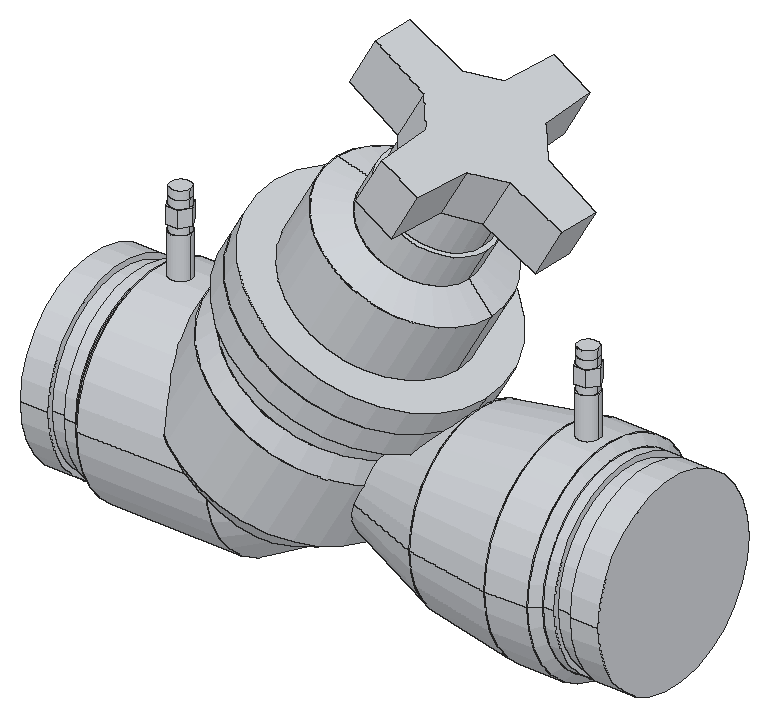
Revit family "447_d-DN100-RFA_2019", category Pipe Accessories, Revit 2019
Family settings
  Round Connector Dimension = Use Diameter
  Part Type = Valve - Breaks Into
  Work Plane-Based = No
  Always vertical = Yes
  Cut with Voids When Loaded = No
  Shared = No
Parameters (values of type "447_d-DN100")
  magiProductId = "e5a6bfdd9ca54003a0551f5d760c3c"
  magiProductFamilyId = "eab8c084d85f47fc9aed3208e9defb"
  magiPartTypeId = 304
  isMeasuringValve [instance] = no
  ang2D [instance] = 0.00°
  W3 = 14.437 mm
  W2D = 100 mm
  W2 = 30.026 mm
  W1 = 12.736 mm
  VersionID = "2.0/2018.4.11.4/ZETKAMA_447_GROOVED_001"
  Use Minimum Symbol Size [instance] = yes
  URL = "www.hydronix.cz"
  Type Comments = "drážkový spoj; PN16; -10~+120°C;"
  R9 = 74.1 mm
  R8 = 31.35 mm
  R7 = 34.2 mm
  R6 = 68.4 mm
  R5 = 65 mm
  R4 = 31.35 mm
  R3 = 62.7 mm
  R2 = 54.15 mm
  R13 = 7.507 mm
  R12 = 5.875 mm
  R11 = 6.528 mm
  R1 = 57 mm
  R = 50 mm
  QmdConnectorList = "301;D;302;D"
  Productdata [instance] = ""
  Model = ""
  Manufacturer = "Hydronix"
  Maintenance Zone Under Depth [instance] = 57 mm
  Maintenance Zone Right Depth [instance] = 350 mm
  Maintenance Zone Over Depth [instance] = 240 mm
  Maintenance Zone Left Depth [instance] = 350 mm
  Maintenance Zone Front Depth [instance] = 130 mm
  Maintenance Zone Back Depth [instance] = 130 mm
  Maintenance Zone Front Visibility [instance] = no
  MC Product Code = "447 100 d (DN100; PN16 kvs180,5)"
  MC Piping Given Pressure Drop [instance] = 0.0 Pa
  L9 = 52.222 mm
  L8__ve = -L8  # -26.111 mm
  L8 = 26.111 mm
  L6 = 78.333 mm
  L5 = 5 mm
  L4__ve = -L4  # -6.667 mm
  L4 = 6.667 mm
  L3__ve = -L3  # -10 mm
  L3 = 10 mm
  L2__ve = -L2  # -16.667 mm
  L2D_Min = 3048 mm
  L2D = 350 mm
  L2 = 16.667 mm
  L13 = 13.056 mm
  L12 = 12.736 mm
  L11 = 14.437 mm
  L10 = 30.026 mm
  L1 = 175 mm
  KZ = 29.167 mm
  KL = 50.518 mm
  H9 = 6.389 mm
  H8 = 41.531 mm
  H7 = 15.973 mm
  H6 = 19.168 mm
  H5 = 12.779 mm
  H4 = 47.92 mm
  H17 = 9.6 mm
  H16 = 4.8 mm
  H15 = 86.7 mm
  H14 = 31.947 mm
  H13 = 23.96 mm
  H11 = 25.557 mm
  H10 = 22.363 mm
  Description = "Ruční vyvažovací ventil s drážkovým spojem"
  D = 100 mm
  CenSd_R13_6 = R13 * cos(30.00°)  # 6.501 mm
  Clearance Zone Height Depth [instance] = 240 mm
  Clearance Zone Circular Radius [instance] = 175 mm
  Clearance Zone Visibility [instance] = no
Types (10, lengths in mm): name | magiProductId | W3 | W2 | W1 | R9 | R8 | R7 | R6 | R5 | R4 | R3 | R2 | R13 | R12 | R11 | R1 | R | Maintenance Zone Under Depth | Maintenance Zone Right Depth | Maintenance Zone Over Depth | Maintenance Zone Left Depth | Maintenance Zone Front Depth | Maintenance Zone Back Depth | MC Product Code | L9 | L8__ve | L8 | L6 | L5 | L4__ve | L4 | L3__ve | L3 | L2__ve | L2 | L13 | L12 | L11 | L10 | L1 | KZ | KL | H9 | H8 | H7 | H6 | H5 | H4 | H17 | H16 | H15 | H14 | H13 | H11 | H10 | D | CenSd_R13_6 | Clearance Zone Height Depth | Clearance Zone Circular Radius
  447_d-DN100 | "e5a6bfdd9ca54003a0551f5d760c3c" | 14.437 | 30.026 | 12.736 | 74.1 | 31.35 | 34.2 | 68.4 | 65 | 31.35 | 62.7 | 54.15 | 7.507 | 5.875 | 6.528 | 57 | 50 | 57 | 350 | 240 | 350 | 130 | 130 | "447 100 d (DN100; PN16 kvs180,5)" | 52.222 | -26.111 | 26.111 | 78.333 | 5 | -6.667 | 6.667 | -10 | 10 | -16.667 | 16.667 | 13.056 | 12.736 | 14.437 | 30.026 | 175 | 29.167 | 50.518 | 6.389 | 41.531 | 15.973 | 19.168 | 12.779 | 47.92 | 9.6 | 4.8 | 86.7 | 31.947 | 23.96 | 25.557 | 22.363 | 100 | 6.501 | 240 | 175
  447_d-DN125 | "5795ec580370482d8c46e49d975863" | 14.437 | 30.026 | 12.736 | 91.65 | 38.775 | 42.3 | 84.6 | 65 | 38.775 | 77.55 | 66.975 | 8.579 | 6.714 | 7.46 | 70.5 | 62.5 | 71 | 400 | 260 | 400 | 130 | 130 | "447 125 d (DN125; PN16 kvs280,0)" | 59.683 | -29.841 | 29.841 | 89.524 | 5.714 | -7.619 | 7.619 | -11.429 | 11.429 | -19.048 | 19.048 | 14.921 | 12.736 | 14.437 | 30.026 | 200 | 33.333 | 57.735 | 7.005 | 45.534 | 17.513 | 21.016 | 14.01 | 52.539 | 10.4 | 5.2 | 103.55 | 35.026 | 26.269 | 28.021 | 24.518 | 125 | 7.43 | 260 | 200
  447_d-DN150 | "9b6b5ad10a674c51b522359e7e2d39" | 14.437 | 30.026 | 12.736 | 109.2 | 46.2 | 50.4 | 100.8 | 65 | 46.2 | 92.4 | 79.8 | 10.295 | 8.057 | 8.952 | 84 | 75 | 84 | 480 | 285 | 480 | 130 | 130 | "447 150 d (DN150; PN16 kvs383,4)" | 71.619 | -35.81 | 35.81 | 107.429 | 6.857 | -9.143 | 9.143 | -13.714 | 13.714 | -22.857 | 22.857 | 17.905 | 12.736 | 14.437 | 30.026 | 240 | 40 | 69.282 | 7.775 | 50.537 | 19.437 | 23.325 | 15.55 | 58.312 | 11.4 | 5.7 | 120.9 | 38.875 | 29.156 | 31.1 | 27.212 | 150 | 8.916 | 285 | 240
  447_d-DN200 | "f5a67fe5c2444fc986ed7f87b9a4ed" | 31.658 | 71.601 | 30.372 | 142.35 | 60.225 | 65.7 | 131.4 | 155 | 60.225 | 120.45 | 104.025 | 12.869 | 10.071 | 11.19 | 109.5 | 100 | 110 | 600 | 480 | 600 | 310 | 310 | "447 200 d (DN200; PN16 kvs710,0)" | 89.524 | -44.762 | 44.762 | 134.286 | 8.571 | -11.429 | 11.429 | -17.143 | 17.143 | -28.571 | 28.571 | 22.381 | 30.372 | 31.658 | 71.601 | 300 | 50 | 86.603 | 12.394 | 80.56 | 30.984 | 37.181 | 24.788 | 92.953 | 19.2 | 9.6 | 168.45 | 61.969 | 46.477 | 49.575 | 43.378 | 200 | 11.145 | 480 | 300
  447_d-DN250 | "7d63ae0d28f64990bc8ce3477101ef" | 31.658 | 71.601 | 30.372 | 177.45 | 75.075 | 81.9 | 163.8 | 155 | 75.075 | 150.15 | 129.675 | 15.657 | 12.254 | 13.615 | 136.5 | 125 | 137 | 730 | 525 | 730 | 310 | 310 | "447 250 d (DN250; PN16 kvs1187,5)" | 108.921 | -54.46 | 54.46 | 163.381 | 10.429 | -13.905 | 13.905 | -20.857 | 20.857 | -34.762 | 34.762 | 27.23 | 30.372 | 31.658 | 71.601 | 365 | 60.833 | 105.366 | 13.779 | 89.566 | 34.449 | 41.338 | 27.559 | 103.346 | 21 | 10.5 | 202.65 | 68.897 | 51.673 | 55.118 | 48.228 | 250 | 13.56 | 525 | 365
  447_d-DN300 | "0a2a34dba99a430aa7daf784d6b0c1" | 31.658 | 71.601 | 30.372 | 210.6 | 89.1 | 97.2 | 194.4 | 155 | 89.1 | 178.2 | 153.9 | 18.231 | 14.268 | 15.853 | 162 | 150 | 162 | 850 | 535 | 850 | 310 | 310 | "447 300 d (DN300; PN16 kvs1504,1)" | 126.825 | -63.413 | 63.413 | 190.238 | 12.143 | -16.19 | 16.19 | -24.286 | 24.286 | -40.476 | 40.476 | 31.706 | 30.372 | 31.658 | 71.601 | 425 | 70.833 | 122.687 | 14.087 | 91.568 | 35.218 | 42.262 | 28.175 | 105.655 | 21.4 | 10.7 | 231.7 | 70.437 | 52.828 | 56.349 | 49.306 | 300 | 15.789 | 535 | 425
  447_d-DN040 | "6dc4a6b5eb924103b02307904d600f" | 9.08 | 17.092 | 7.25 | 31.2 | 13.2 | 14.4 | 28.8 | 37 | 13.2 | 26.4 | 22.8 | 4.29 | 3.357 | 3.73 | 24 | 20 | 24 | 200 | 130 | 200 | 74 | 74 | "447 040 d (DN40; PN16 kvs22,36)" | 29.841 | -14.921 | 14.921 | 44.762 | 2.857 | -3.81 | 3.81 | -5.714 | 5.714 | -9.524 | 9.524 | 7.46 | 7.25 | 9.08 | 17.092 | 100 | 16.667 | 28.868 | 3.433 | 22.317 | 8.583 | 10.3 | 6.867 | 25.75 | 5.2 | 2.6 | 39.4 | 17.167 | 12.875 | 13.733 | 12.017 | 40 | 3.715 | 130 | 100
  447_d-DN050 | "b59a3d0ad4654cda90cee0c397c848" | 9.08 | 17.092 | 7.25 | 39 | 16.5 | 18 | 36 | 37 | 16.5 | 33 | 28.5 | 4.933 | 3.861 | 4.29 | 30 | 25 | 30 | 230 | 130 | 230 | 130 | 130 | "447 050 d (DN50; PN16 kvs32,15)" | 34.317 | -17.159 | 17.159 | 51.476 | 3.286 | -4.381 | 4.381 | -6.571 | 6.571 | -10.952 | 10.952 | 8.579 | 7.25 | 9.08 | 17.092 | 115 | 19.167 | 33.198 | 3.433 | 22.317 | 8.583 | 10.3 | 6.867 | 25.75 | 5.2 | 2.6 | 46 | 17.167 | 12.875 | 13.733 | 12.017 | 50 | 4.272 | 130 | 115
  447_d-DN065 | "356db372cd37496c9ff0d3ad255dc6" | 14.437 | 30.026 | 12.736 | 49.4 | 20.9 | 22.8 | 45.6 | 65 | 20.9 | 41.8 | 36.1 | 6.22 | 4.868 | 5.409 | 38 | 32.5 | 38 | 290 | 220 | 290 | 130 | 130 | "447 065 d (DN65; PN16 kvs83,3)" | 43.27 | -21.635 | 21.635 | 64.905 | 4.143 | -5.524 | 5.524 | -8.286 | 8.286 | -13.81 | 13.81 | 10.817 | 12.736 | 14.437 | 30.026 | 145 | 24.167 | 41.858 | 5.774 | 37.528 | 14.434 | 17.321 | 11.547 | 43.301 | 8.8 | 4.4 | 63.8 | 28.868 | 21.651 | 23.094 | 20.207 | 65 | 5.387 | 220 | 145
  447_d-DN080 | "f43aa02b4841429783243073d22ea7" | 14.437 | 30.026 | 12.736 | 57.85 | 24.475 | 26.7 | 53.4 | 65 | 24.475 | 48.95 | 42.275 | 6.649 | 5.204 | 5.782 | 44.5 | 40 | 45 | 310 | 220 | 310 | 130 | 130 | "447 080 d (DN80; PN16 kvs104,3)" | 46.254 | -23.127 | 23.127 | 69.381 | 4.429 | -5.905 | 5.905 | -8.857 | 8.857 | -14.762 | 14.762 | 11.563 | 12.736 | 14.437 | 30.026 | 155 | 25.833 | 44.745 | 5.774 | 37.528 | 14.434 | 17.321 | 11.547 | 43.301 | 8.8 | 4.4 | 70.95 | 28.868 | 21.651 | 23.094 | 20.207 | 80 | 5.758 | 220 | 155
Reference planes
  plane 1 "Center (Front/Back)": y = 0
  plane 2 "XYPLANE": z = 0
  plane 3 "Center (Left/Right)": x = 0
  plane 4 "159": y = 130
  plane 5 "158": y = -130
  plane 6 "157": z = -57
  plane 7 "156": z = 240
  plane 8 "155": x = -350
  plane 9 "154": x = 350
  plane 10 "132": z = 105.9
  plane 11 "125": z = 101.1
  plane 12 "120": z = 91.5
  plane 13 "119": z = 86.7
  plane 14 "112": x = 123.611
  plane 15 "111": x = -123.611
  plane 16 "109": y = -14.437
  plane 17 "108": y = 14.437
  plane 18 "105": through (342.28, 0, 668.41) normal (0.866, 0, -0.5)
  plane 19 "104": through (320.22, 0, 681.146) normal (0.866, 0, -0.5)
  plane 20 "103": y = -30.026
  plane 21 "102": y = -12.736
  plane 22 "101": y = 30.026
  plane 23 "100": y = 12.736
  plane 24 "99": through (318.747, 0, 681.997) normal (0.866, 0, -0.5)
  plane 25 "98": through (305.247, 0, 689.791) normal (0.866, 0, -0.5)
  plane 26 "97": through (343.753, 0, 667.56) normal (0.866, 0, -0.5)
  plane 27 "96": through (357.253, 0, 659.765) normal (0.866, 0, -0.5)
  plane 28 "95": y = -65
  plane 29 "94": y = 65
  plane 30 "93": through (387.542, 0, 642.278) normal (0.866, 0, -0.5)
  plane 31 "92": through (274.958, 0, 707.278) normal (0.866, 0, -0.5)
  plane 32 "88": x = 58.333
  plane 33 "87": x = 110.556
  plane 34 "81": through (-560.276, 0, 529.574) normal (0.5, 0, 0.866)
  plane 35 "80": through (-573.054, 0, 507.441) normal (0.5, 0, 0.866)
  plane 36 "75": through (-584.236, 0, 488.074) normal (0.5, 0, 0.866)
  plane 37 "72": through (-587.43, 0, 482.541) normal (0.5, 0, 0.866)
  plane 38 "68": through (-608.196, 0, 446.574) normal (0.5, 0, 0.866)
  plane 39 "67": through (-616.182, 0, 432.741) normal (0.5, 0, 0.866)
  plane 40 "62": through (-676.082, 0, 328.991) normal (0.5, 0, 0.866)
  plane 41 "61": through (-624.169, 0, 418.908) normal (0.5, 0, 0.866)
  plane 42 "58": through (-633.753, 0, 402.308) normal (0.5, 0, 0.866)
  plane 43 "56": through (-640.142, 0, 391.241) normal (0.5, 0, 0.866)
  plane 44 "51": y = 0
  plane 45 "49": through (331.25, 0, 674.778) normal (0.866, 0, -0.5)
  plane 46 "48": through (-664.102, 0, 349.741) normal (0.5, 0, 0.866)
  plane 47 "30": x = 136.667
  plane 48 "29": x = 141.667
  plane 49 "28": x = 148.333
  plane 50 "27": x = 158.333
  plane 51 "14": x = -58.333
  plane 52 "13": x = -136.667
  plane 53 "12": x = -141.667
  plane 54 "11": x = -148.333
  plane 55 "10": x = -158.333
  plane 56 "8": x = -175
  plane 57 "7": x = 175
  plane 58 "6": y = 0
  plane 59 "5": x = 0
  plane 60 "4": z = 0
  plane 61 "45XY": through (-649.519, 0, 375) normal (0.5, 0, 0.866)
  plane 62 "45XZ": y = 0
  plane 63 "45YZ": through (375, 0, 649.519) normal (0.866, 0, -0.5)
Forms (mm)
  Blend 1, solid, visible <- "Maintenance Zone Front Visibility"
    base sketch origin (-750, 0, -57) x (1, 0, 0) y (0, 1, 0)
      loop
        line (400, 130) -> (400, -130) -> (1100, -130) -> (1100, 130) -> (400, 130)
    top sketch origin (-750, 0, -57) x (1, 0, 0) y (0, 1, 0)
      loop
        line (400, 130) -> (400, -130) -> (1100, -130) -> (1100, 130) -> (400, 130)
    from 0 to 297
  Extrusion 2, solid, visible <- "Clearance Zone Visibility"
    sketch origin (-750, 0, 0) x (1, 0, 0) y (0, 1, 0)
      loop
        circle (750, 0) r 175
    from 0 to 240 <- "Clearance Zone Height Depth"
  Extrusion 3, solid
    sketch origin (-750, 0, 105.9) x (1, 0, 0) y (0, 1, 0)
      loop
        circle (873.611, 0) r 5.875
    from 0 to 4.8 <- "H16"
  Extrusion 4, solid
    sketch origin (-750, 0, 101.1) x (1, 0, 0) y (0, 1, 0)
      loop
        circle (873.611, 0) r 5.875
    from 0 to 4.8 <- "H16"
  Extrusion 5, solid
    sketch origin (-750, 0, 105.9) x (1, 0, 0) y (0, 1, 0)
      loop
        circle (626.389, 0) r 5.875
    from 0 to 4.8 <- "H16"
  Extrusion 6, solid
    sketch origin (-750, 0, 101.1) x (1, 0, 0) y (0, 1, 0)
      loop
        circle (626.389, 0) r 5.875
    from 0 to 4.8 <- "H16"
  Extrusion 7, solid
    sketch origin (-750, 0, 91.5) x (1, 0, 0) y (0, 1, 0)
      loop
        line (881.118, 0) -> (877.365, 6.501) -> (869.858, 6.501) -> (866.104, 0) -> (869.858, -6.501) -> (877.365, -6.501) -> (881.118, 0)
    from 0 to 9.6 <- "H17"
  Extrusion 8, solid
    sketch origin (-750, 0, 91.5) x (1, 0, 0) y (0, 1, 0)
      loop
        line (633.896, 0) -> (630.142, 6.501) -> (622.635, 6.501) -> (618.882, 0) -> (622.635, -6.501) -> (630.142, -6.501) -> (633.896, 0)
    from 0 to 9.6 <- "H17"
  Extrusion 9, solid
    sketch origin (-750, 0, 86.7) x (1, 0, 0) y (0, 1, 0)
      loop
        circle (873.611, 0) r 5.875
    from 0 to 4.8 <- "H16"
  Extrusion 10, solid
    sketch origin (-750, 0, 86.7) x (1, 0, 0) y (0, 1, 0)
      loop
        circle (626.389, 0) r 5.875
    from 0 to 4.8 <- "H16"
  Extrusion 11, solid
    sketch origin (-750, 0, 0) x (1, 0, 0) y (0, 1, 0)
      loop
        circle (873.611, 0) r 6.528
    from 0 to 86.7 <- "H15"
  Extrusion 12, solid
    sketch origin (-750, 0, 0) x (1, 0, 0) y (0, 1, 0)
      loop
        circle (626.389, 0) r 6.528
    from 0 to 86.7 <- "H15"
  Extrusion 13, solid
    sketch origin (-560.276, 0, 529.574) x (0.866025, 0, -0.5) y (0, 1, 0)
      loop
        line (634.482, 12.736) -> (634.482, -12.736) -> (669.456, -14.437) -> (685.045, -30.026) -> (686.745, -65) -> (712.218, -65) -> (713.919, -30.026) -> (729.508, -14.437) -> (764.482, -12.736) -> (764.482, 12.736) -> (729.508, 14.437) -> (713.919, 30.026) -> (712.218, 65) -> (686.745, 65) -> (685.045, 30.026) -> (669.456, 14.437) -> (634.482, 12.736)
    from 0 to 31.947 <- "H14"
  Blend 14, solid
    base sketch origin (110.556, -750, 0) x (0, 1, 0) y (0, 0, 1)
      loop
        circle (750, 0) r 62.7
    top sketch origin (110.556, -750, 0) x (0, 1, 0) y (0, 0, 1)
      loop
        circle (750, 0) r 54.15
    from 0 to -52.222
  Extrusion 15, solid
    sketch origin (-616.182, 0, 432.741) x (0.866025, 0, -0.5) y (0, 1, 0)
      loop
        circle (699.482, 0) r 74.1
    from 0 to 15.973 <- "H7"
  Extrusion 16, solid
    sketch origin (-624.169, 0, 418.908) x (0.866025, 0, -0.5) y (0, 1, 0)
      loop
        circle (699.482, 0) r 74.1
    from 0 to 15.973 <- "H7"
  Extrusion 17, solid
    sketch origin (-573.054, 0, 507.441) x (0.866025, 0, -0.5) y (0, 1, 0)
      loop
        circle (699.482, 0) r 31.35
    from 0 to 25.557 <- "H11"
  Blend 18, solid
    base sketch origin (-587.43, 0, 482.541) x (0.866025, 0, -0.5) y (0, 1, 0)
      loop
        circle (699.482, 0) r 54.15
    top sketch origin (-587.43, 0, 482.541) x (0.866025, 0, -0.5) y (0, 1, 0)
      loop
        circle (699.482, 0) r 34.2
    from 0 to 6.389
  Extrusion 19, solid
    sketch origin (-608.196, 0, 446.574) x (0.866025, 0, -0.5) y (0, 1, 0)
      loop
        circle (699.482, 0) r 54.15
    from 0 to 41.531 <- "H8"
  Extrusion 20, solid
    sketch origin (-584.236, 0, 488.074) x (0.866025, 0, -0.5) y (0, 1, 0)
      loop
        circle (699.482, 0) r 34.2
    from 0 to 22.363 <- "H10"
  Blend 21, solid
    base sketch origin (-664.102, 0, 349.741) x (0.866025, 0, -0.5) y (0, 1, 0)
      loop
        circle (699.482, 0) r 68.4
    top sketch origin (-664.102, 0, 349.741) x (0.866025, 0, -0.5) y (0, 1, 0)
      loop
        circle (699.482, 0) r 50
    from 0 to -23.96
  Extrusion 22, solid
    sketch origin (-633.753, 0, 402.308) x (0.866025, 0, -0.5) y (0, 1, 0)
      loop
        circle (699.482, 0) r 62.7
    from 0 to 19.168 <- "H6"
  Blend 23, solid
    base sketch origin (-640.142, 0, 391.241) x (0.866025, 0, -0.5) y (0, 1, 0)
      loop
        circle (699.482, 0) r 68.4
    top sketch origin (-640.142, 0, 391.241) x (0.866025, 0, -0.5) y (0, 1, 0)
      loop
        circle (699.482, 0) r 62.7
    from 0 to 12.779
  Extrusion 24, solid
    sketch origin (-664.102, 0, 349.741) x (0.866025, 0, -0.5) y (0, 1, 0)
      loop
        circle (699.482, 0) r 68.4
    from 0 to 47.92 <- "H4"
  Extrusion 25, solid
    sketch origin (175, -750, 0) x (0, 1, 0) y (0, 0, 1)
      loop
        circle (750, 0) r 57
    from 0 to -16.667 <- "L2__ve"
  Extrusion 26, solid
    sketch origin (158.333, -750, 0) x (0, 1, 0) y (0, 0, 1)
      loop
        circle (750, 0) r 54.15
    from 0 to -10 <- "L3__ve"
  Extrusion 27, solid
    sketch origin (148.333, -750, 0) x (0, 1, 0) y (0, 0, 1)
      loop
        circle (750, 0) r 57
    from 0 to -6.667 <- "L4__ve"
  Blend 28, solid
    base sketch origin (141.667, -750, 0) x (0, 1, 0) y (0, 0, 1)
      loop
        circle (750, 0) r 57
    top sketch origin (141.667, -750, 0) x (0, 1, 0) y (0, 0, 1)
      loop
        circle (750, 0) r 62.7
    from 0 to -5
  Extrusion 29, solid
    sketch origin (136.667, -750, 0) x (0, 1, 0) y (0, 0, 1)
      loop
        circle (750, 0) r 62.7
    from 0 to -26.111 <- "L8__ve"
  Blend 30, solid
    base sketch origin (58.333, -750, 0) x (0, 1, 0) y (0, 0, 1)
      loop
        circle (750, 0) r 54.15
    top sketch origin (58.333, -750, 0) x (0, 1, 0) y (0, 0, 1)
      loop
        circle (750, 0) r 31.35
    from 0 to -58.333
  Blend 31, solid
    base sketch origin (-58.333, -750, 0) x (0, 1, 0) y (0, 0, 1)
      loop
        circle (750, 0) r 62.7
    top sketch origin (-58.333, -750, 0) x (0, 1, 0) y (0, 0, 1)
      loop
        circle (750, 0) r 31.35
    from 0 to 58.333
  Extrusion 32, solid
    sketch origin (-136.667, -750, 0) x (0, 1, 0) y (0, 0, 1)
      loop
        circle (750, 0) r 62.7
    from 0 to 78.333 <- "L6"
  Blend 33, solid
    base sketch origin (-141.667, -750, 0) x (0, 1, 0) y (0, 0, 1)
      loop
        circle (750, 0) r 57
    top sketch origin (-141.667, -750, 0) x (0, 1, 0) y (0, 0, 1)
      loop
        circle (750, 0) r 62.7
    from 0 to 5
  Extrusion 34, solid
    sketch origin (-148.333, -750, 0) x (0, 1, 0) y (0, 0, 1)
      loop
        circle (750, 0) r 57
    from 0 to 6.667 <- "L4"
  Extrusion 35, solid
    sketch origin (-158.333, -750, 0) x (0, 1, 0) y (0, 0, 1)
      loop
        circle (750, 0) r 54.15
    from 0 to 10 <- "L3"
  Extrusion 36, solid
    sketch origin (-175, -750, 0) x (0, 1, 0) y (0, 0, 1)
      loop
        circle (750, 0) r 57
    from 0 to 16.667 <- "L2"
  Extrusion 37, solid, not visible
    sketch origin (-175, -750, 0) x (0, 1, 0) y (0, 0, 1)
      loop
        circle (750, 0) r 10
    from 0 to 10
  Extrusion 38, solid, not visible
    sketch origin (175, -750, 0) x (0, 1, 0) y (0, 0, 1)
      loop
        circle (750, 0) r 10
    from 0 to -10
Lines and regions (mm)
  reference lines, not visible
    curve 1: circle (2, 2, 0) r 1 normal (0, 0, 1)
  reference lines
    curve 2: line (123.611, 0, 91.5) -> (121.734, 3.251, 91.5)
    curve 3: line (123.611, 0, 91.5) -> (119.858, 0, 91.5)
    curve 4: line (123.611, 0, 91.5) -> (121.734, -3.251, 91.5)
    curve 5: line (-123.611, 0, 91.5) -> (-125.488, 3.251, 91.5)
    curve 6: line (-123.611, 0, 91.5) -> (-127.365, 0, 91.5)
    curve 7: line (-123.611, 0, 91.5) -> (-125.488, -3.251, 91.5)
Dimensions and locks
  plane 1 "Center (Front/Back)" to curve 1 = 2 mm
  "Maintenance Zone Back Depth": plane 1 "Center (Front/Back)" to plane 4 "159"
  "Maintenance Zone Front Depth": plane 1 "Center (Front/Back)" to plane 5 "158"
  "Maintenance Zone Under Depth": plane 2 "XYPLANE" to plane 6 "157"
  "Maintenance Zone Over Depth": plane 2 "XYPLANE" to plane 7 "156"
  "Maintenance Zone Left Depth": plane 3 "Center (Left/Right)" to plane 8 "155"
  "Maintenance Zone Right Depth": plane 3 "Center (Left/Right)" to plane 9 "154"
  "H16": plane 11 "125" to plane 10 "132"
  "H17": plane 12 "120" to plane 11 "125"
  "H16": plane 13 "119" to plane 12 "120"
  "H15": plane 2 "XYPLANE" to plane 13 "119"
  "L13": plane 47 "30" to plane 14 "112"
  "L13": plane 52 "13" to plane 15 "111"
  "W3": plane 44 "51" to plane 16 "109"
  "W3": plane 44 "51" to plane 17 "108"
  "L12": plane 45 "49" to plane 18 "105"
  "L12": plane 45 "49" to plane 19 "104"
  "W2": plane 58 "6" to plane 20 "103"
  "W1": plane 58 "6" to plane 21 "102"
  "W2": plane 58 "6" to plane 22 "101"
  "W1": plane 58 "6" to plane 23 "100"
  "L11": plane 45 "49" to plane 24 "99"
  "L10": plane 45 "49" to plane 25 "98"
  "L11": plane 45 "49" to plane 26 "97"
  "L10": plane 45 "49" to plane 27 "96"
  "R5": plane 58 "6" to plane 28 "95"
  "R5": plane 58 "6" to plane 29 "94"
  "R5": plane 45 "49" to plane 30 "93"
  "R5": plane 45 "49" to plane 31 "92"
  "L9": plane 33 "87" to plane 32 "88"
  "L8": plane 47 "30" to plane 33 "87"
  "H11": plane 35 "80" to plane 34 "81"
  "H10": plane 36 "75" to plane 35 "80"
  "H9": plane 37 "72" to plane 36 "75"
  "H8": plane 38 "68" to plane 37 "72"
  "H7": plane 39 "67" to plane 38 "68"
  "H7": plane 41 "61" to plane 39 "67"
  "H13": plane 46 "48" to plane 40 "62"
  "H6": plane 42 "58" to plane 41 "61"
  "H5": plane 43 "56" to plane 42 "58"
  "H4": plane 46 "48" to plane 43 "56"
  locked: plane 58 "6" to plane 44 "51"
  "KL": plane 63 "45YZ" to plane 45 "49"
  "KZ": plane 61 "45XY" to plane 46 "48"
  "L5": plane 48 "29" to plane 47 "30"
  "L4": plane 49 "28" to plane 48 "29"
  "L3": plane 50 "27" to plane 49 "28"
  "L2": plane 57 "7" to plane 50 "27"
  "L6": plane 52 "13" to plane 51 "14"
  "L5": plane 53 "12" to plane 52 "13"
  "L4": plane 54 "11" to plane 53 "12"
  "L3": plane 55 "10" to plane 54 "11"
  "L2": plane 56 "8" to plane 55 "10"
  "L1": plane 3 "Center (Left/Right)" to plane 56 "8"
  "L1": plane 3 "Center (Left/Right)" to plane 57 "7"
  locked: plane 1 "Center (Front/Back)" to plane 58 "6"
  locked: plane 3 "Center (Left/Right)" to plane 59 "5"
  locked: plane 2 "XYPLANE" to plane 60 "4"
  Blend 1 sketch curve to Blend 1 sketch curve = 0 mm  (x16)
  "CenSd_R13_6": curve 2 to Extrusion 7 sketch curve  (x2)
  "CenSd_R13_6": curve 3 to Extrusion 7 sketch curve  (x2)
  "CenSd_R13_6": curve 4 to Extrusion 7 sketch curve  (x2)
  Extrusion 7 sketch curve to Extrusion 7 sketch curve = 0 mm  (x12)
  "CenSd_R13_6": curve 5 to Extrusion 8 sketch curve  (x2)
  "CenSd_R13_6": curve 6 to Extrusion 8 sketch curve  (x2)
  "CenSd_R13_6": curve 7 to Extrusion 8 sketch curve  (x2)
  Extrusion 8 sketch curve to Extrusion 8 sketch curve = 0 mm  (x12)
  Extrusion 13 sketch curve to Extrusion 13 sketch curve = 0 mm  (x32)
  "Clearance Zone Circular Radius": radius of Extrusion 2 sketch curve
  "R12": radius of Extrusion 3 sketch curve
  "R12": radius of Extrusion 4 sketch curve
  "R12": radius of Extrusion 5 sketch curve
  "R12": radius of Extrusion 6 sketch curve
  "R12": radius of Extrusion 9 sketch curve
  "R12": radius of Extrusion 10 sketch curve
  "R11": radius of Extrusion 11 sketch curve
  "R11": radius of Extrusion 12 sketch curve
  "R2": radius of Blend 14 sketch curve
  "R3": radius of Blend 14 sketch curve
  "R9": radius of Extrusion 15 sketch curve
  "R9": radius of Extrusion 16 sketch curve
  "R8": radius of Extrusion 17 sketch curve
  "R7": radius of Blend 18 sketch curve
  "R2": radius of Blend 18 sketch curve
  "R2": radius of Extrusion 19 sketch curve
  "R7": radius of Extrusion 20 sketch curve
  "R": radius of Blend 21 sketch curve
  "R6": radius of Blend 21 sketch curve
  "R3": radius of Extrusion 22 sketch curve
  "R3": radius of Blend 23 sketch curve
  "R6": radius of Blend 23 sketch curve
  "R6": radius of Extrusion 24 sketch curve
  "R1": radius of Extrusion 25 sketch curve
  "R2": radius of Extrusion 26 sketch curve
  "R1": radius of Extrusion 27 sketch curve
  "R3": radius of Blend 28 sketch curve
  "R1": radius of Blend 28 sketch curve
  "R3": radius of Extrusion 29 sketch curve
  "R4": radius of Blend 30 sketch curve
  "R2": radius of Blend 30 sketch curve
  "R4": radius of Blend 31 sketch curve
  "R3": radius of Blend 31 sketch curve
  "R3": radius of Extrusion 32 sketch curve
  "R3": radius of Blend 33 sketch curve
  "R1": radius of Blend 33 sketch curve
  "R1": radius of Extrusion 34 sketch curve
  "R2": radius of Extrusion 35 sketch curve
  "R1": radius of Extrusion 36 sketch curve
  locked: curve 3 to curve 2 (angle 60.00°)
  locked: curve 4 to curve 3 (angle 60.00°)
  locked: curve 4 to curve 2 (angle 120.00°)
  locked: curve 6 to curve 5 (angle 60.00°)
  locked: curve 7 to curve 6 (angle 60.00°)
  locked: curve 7 to curve 5 (angle 120.00°)
  aligned and locked: level to plane 2 "XYPLANE"
  aligned and locked: Blend 1 sketch curve to plane 8 "155"  (x2)
  aligned and locked: plane 4 "159" to Blend 1 sketch curve  (x4)
  aligned and locked: plane 5 "158" to Blend 1 sketch curve  (x4)
  aligned and locked: plane 8 "155" to Blend 1 sketch curve  (x2)
  aligned and locked: plane 9 "154" to Blend 1 sketch curve  (x4)
  aligned and locked: plane 7 "156" to Blend 1
  aligned and locked: plane 58 "6" to Extrusion 2 sketch curve
  aligned and locked: plane 59 "5" to Extrusion 2 sketch curve
  aligned and locked: plane 14 "112" to Extrusion 3 sketch curve
  aligned and locked: plane 58 "6" to Extrusion 3 sketch curve
  aligned and locked: plane 14 "112" to Extrusion 4 sketch curve
  aligned and locked: plane 58 "6" to Extrusion 4 sketch curve
  aligned and locked: plane 15 "111" to Extrusion 5 sketch curve
  aligned and locked: plane 58 "6" to Extrusion 5 sketch curve
  aligned and locked: plane 15 "111" to Extrusion 6 sketch curve
  aligned and locked: plane 58 "6" to Extrusion 6 sketch curve
  aligned and locked: plane 14 "112" to curve 4
  aligned and locked: plane 58 "6" to curve 4
  aligned and locked: plane 15 "111" to curve 6
  aligned and locked: plane 58 "6" to curve 6
  aligned and locked: plane 14 "112" to Extrusion 9 sketch curve
  aligned and locked: plane 58 "6" to Extrusion 9 sketch curve
  aligned and locked: plane 15 "111" to Extrusion 10 sketch curve
  aligned and locked: plane 58 "6" to Extrusion 10 sketch curve
  aligned and locked: plane 14 "112" to Extrusion 11 sketch curve
  aligned and locked: plane 58 "6" to Extrusion 11 sketch curve
  aligned and locked: plane 15 "111" to Extrusion 12 sketch curve
  aligned and locked: plane 58 "6" to Extrusion 12 sketch curve
  aligned and locked: Extrusion 13 sketch curve to plane 31 "92"  (x2)
  aligned and locked: plane 23 "100" to Extrusion 13 sketch curve  (x2)
  aligned and locked: plane 21 "102" to Extrusion 13 sketch curve  (x2)
  aligned and locked: plane 16 "109" to Extrusion 13 sketch curve  (x2)
  aligned and locked: Extrusion 13 sketch curve to plane 25 "98"
  aligned and locked: plane 20 "103" to Extrusion 13 sketch curve  (x2)
  aligned and locked: Extrusion 13 sketch curve to plane 24 "99"
  aligned and locked: plane 28 "95" to Extrusion 13 sketch curve  (x2)
  aligned and locked: Extrusion 13 sketch curve to plane 19 "104"
  aligned and locked: Extrusion 13 sketch curve to plane 18 "105"
  aligned and locked: Extrusion 13 sketch curve to plane 26 "97"
  aligned and locked: Extrusion 13 sketch curve to plane 27 "96"
  aligned and locked: Extrusion 13 sketch curve to plane 30 "93"
  aligned and locked: plane 30 "93" to Extrusion 13 sketch curve
  aligned and locked: plane 17 "108" to Extrusion 13 sketch curve  (x2)
  aligned and locked: plane 27 "96" to Extrusion 13 sketch curve
  aligned and locked: plane 22 "101" to Extrusion 13 sketch curve  (x2)
  aligned and locked: plane 26 "97" to Extrusion 13 sketch curve
  aligned and locked: plane 18 "105" to Extrusion 13 sketch curve
  aligned and locked: plane 29 "94" to Extrusion 13 sketch curve  (x2)
  aligned and locked: plane 19 "104" to Extrusion 13 sketch curve
  aligned and locked: plane 24 "99" to Extrusion 13 sketch curve
  aligned and locked: plane 25 "98" to Extrusion 13 sketch curve
  aligned and locked: Blend 14 sketch curve to plane 58 "6"  (x2)
  aligned and locked: plane 60 "4" to Blend 14 sketch curve  (x2)
  aligned and locked: Blend 14 to plane 32 "88"
  aligned and locked: plane 44 "51" to Extrusion 15 sketch curve
  aligned and locked: Extrusion 15 sketch curve to plane 45 "49"
  aligned and locked: plane 44 "51" to Extrusion 16 sketch curve
  aligned and locked: Extrusion 16 sketch curve to plane 45 "49"
  aligned and locked: plane 44 "51" to Extrusion 17 sketch curve
  aligned and locked: Extrusion 17 sketch curve to plane 45 "49"
  aligned and locked: plane 44 "51" to Blend 18 sketch curve  (x2)
  aligned and locked: Blend 18 sketch curve to plane 45 "49"  (x2)
  aligned and locked: plane 36 "75" to Blend 18
  aligned and locked: plane 44 "51" to Extrusion 19 sketch curve
  aligned and locked: Extrusion 19 sketch curve to plane 45 "49"
  aligned and locked: plane 44 "51" to Extrusion 20 sketch curve
  aligned and locked: Extrusion 20 sketch curve to plane 45 "49"
  aligned and locked: plane 44 "51" to Blend 21 sketch curve  (x2)
  aligned and locked: Blend 21 sketch curve to plane 45 "49"  (x2)
  aligned and locked: Blend 21 to plane 40 "62"
  aligned and locked: plane 44 "51" to Extrusion 22 sketch curve
  aligned and locked: Extrusion 22 sketch curve to plane 45 "49"
  aligned and locked: plane 44 "51" to Blend 23 sketch curve  (x2)
  aligned and locked: Blend 23 sketch curve to plane 45 "49"  (x2)
  aligned and locked: plane 42 "58" to Blend 23
  aligned and locked: plane 44 "51" to Extrusion 24 sketch curve
  aligned and locked: Extrusion 24 sketch curve to plane 45 "49"
  aligned and locked: Extrusion 25 sketch curve to plane 58 "6"
  aligned and locked: plane 60 "4" to Extrusion 25 sketch curve
  aligned and locked: Extrusion 26 sketch curve to plane 58 "6"
  aligned and locked: plane 60 "4" to Extrusion 26 sketch curve
  aligned and locked: Extrusion 27 sketch curve to plane 58 "6"
  aligned and locked: plane 60 "4" to Extrusion 27 sketch curve
  aligned and locked: Blend 28 sketch curve to plane 58 "6"  (x2)
  aligned and locked: plane 60 "4" to Blend 28 sketch curve  (x2)
  aligned and locked: Blend 28 to plane 47 "30"
  aligned and locked: Extrusion 29 sketch curve to plane 58 "6"
  aligned and locked: plane 60 "4" to Extrusion 29 sketch curve
  aligned and locked: Blend 30 sketch curve to plane 58 "6"  (x2)
  aligned and locked: plane 60 "4" to Blend 30 sketch curve  (x2)
  aligned and locked: Blend 30 to plane 59 "5"
  aligned and locked: Blend 31 sketch curve to plane 58 "6"  (x2)
  aligned and locked: plane 60 "4" to Blend 31 sketch curve  (x2)
  aligned and locked: plane 59 "5" to Blend 31
  aligned and locked: Extrusion 32 sketch curve to plane 58 "6"
  aligned and locked: plane 60 "4" to Extrusion 32 sketch curve
  aligned and locked: Blend 33 sketch curve to plane 58 "6"  (x2)
  aligned and locked: plane 60 "4" to Blend 33 sketch curve  (x2)
  aligned and locked: plane 52 "13" to Blend 33
  aligned and locked: Extrusion 34 sketch curve to plane 58 "6"
  aligned and locked: plane 60 "4" to Extrusion 34 sketch curve
  aligned and locked: Extrusion 35 sketch curve to plane 58 "6"
  aligned and locked: plane 60 "4" to Extrusion 35 sketch curve
  aligned and locked: Extrusion 36 sketch curve to plane 58 "6"
  aligned and locked: plane 60 "4" to Extrusion 36 sketch curve
  aligned and locked: Extrusion 37 sketch curve to plane 58 "6"
  aligned and locked: plane 60 "4" to Extrusion 37 sketch curve
  aligned and locked: Extrusion 38 sketch curve to plane 58 "6"
  aligned and locked: plane 60 "4" to Extrusion 38 sketch curve
Automatic sketch dimensions
  plane 21 "102" to Extrusion 37 sketch curve = 2.736 mm
  plane 21 "102" to Extrusion 38 sketch curve = 2.736 mm
  plane 3 "Center (Left/Right)" to curve 1 = 2 mm
  radius of curve 1 = 1 mm
Connectors
  piping at (-175, 0, 0), diameter 100, driven by "D"
    settings: on Extrusion 37, index 1, connector inside diameter 609.6 mm, connector length 0 mm, flow factor 0, pipe flow 0.0 L/s, pressure drop 0.0 Pa, fitting loss kfactor 0, connector angle 0.00°, fixture units 0, engagement length 0 mm, angle of deflection 0.00°, flow configuration 0, flow direction 0, fitting loss method 0, system type 29, joint type 0, gender type 0, connector reference index 2, connector utility 0, adjustable connector no, is connector primary yes, connector description ""
  piping at (175, 0, 0), diameter 100, driven by "D"
    settings: on Extrusion 38, index 2, connector inside diameter 609.6 mm, connector length 0 mm, flow factor 0, pipe flow 0.0 L/s, pressure drop 0.0 Pa, fitting loss kfactor 0, connector angle 0.00°, fixture units 0, engagement length 0 mm, angle of deflection 0.00°, flow configuration 0, flow direction 0, fitting loss method 0, system type 29, joint type 0, gender type 0, connector reference index 1, connector utility 0, adjustable connector no, is connector primary no, connector description ""
